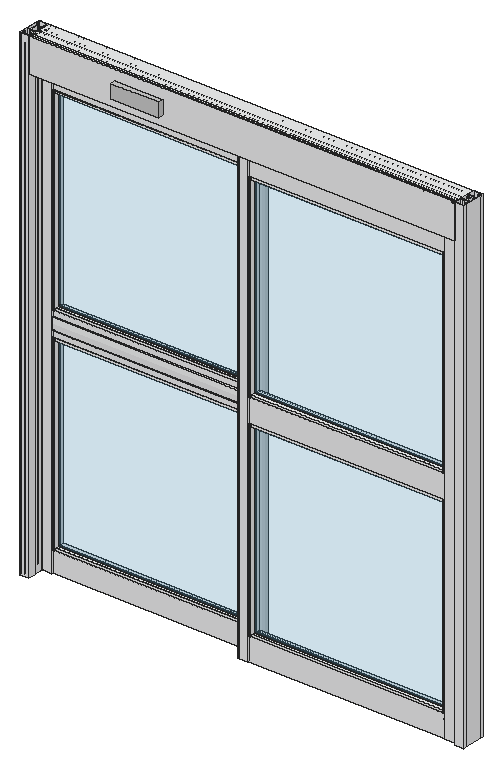
Revit family "2-5-4_Sliding-Door_TX9200SL_Single-LH-Outside-Slide-O-SX-Electric-Lock-Exit-Panic-Hardware_Tormax", category Doors, host Wall, Revit 2026 (continued)
Definition of nested family "Door-Sliding-Tormax-Panel-Exit_Panic-SX"
  Forms (in)
    Sweep 7, solid, material <- "Frame Material"
      profile origin (0, 0, 63.70312) x (-1, 0, 0) y (0, -1, 0)
        loop
          line (18.65625, -0.87481) -> (18.65625, -0.70698) -> (18.72056, -0.70698) -> (18.72056, -0.65698) -> (18.60608, -0.65698) -> (18.60608, -0.8251) -> (18.20611, -0.8251) -> (18.20611, -0.4032) -> (18.46359, -0.4032) -> (18.46359, -0.25955) -> (18.68146, -0.25955) -> (18.68146, -0.1901) -> (18.81225, -0.1901) -> (18.81225, -0.13997) -> (18.66845, -0.13997) -> (18.66845, 0.13997) -> (18.81225, 0.13997) -> (18.81225, 0.1901) -> (18.66845, 0.1901) -> (18.66845, 0.23732)
          arc (18.66845, 0.23732) -> (18.64136, 0.30274) -> (18.57594, 0.32983) r 0.09251
          line (18.57594, 0.32983) -> (18.57594, 0.49166) -> (18.69998, 0.6157) -> (18.80597, 0.6157) -> (18.80597, 0.76483) -> (18.75597, 0.76483) -> (18.75597, 0.66561) -> (18.65625, 0.66561) -> (18.65625, 0.87481) -> (18.15645, 0.87481) -> (18.15645, 0.20955) -> (18.12159, 0.20955) -> (18.06046, 0.09459) -> (18.08245, 0.07259) -> (18.15436, 0.12483) -> (18.36418, 0.12483) -> (18.36418, 0.20955) -> (18.5318, 0.20955) -> (18.5318, 0.13997) -> (18.61845, 0.13997) -> (18.61845, -0.13997) -> (18.5318, -0.13997) -> (18.5318, -0.20955) -> (18.36418, -0.20955) -> (18.36418, -0.12483) -> (18.15436, -0.12483) -> (18.08245, -0.07259) -> (18.06046, -0.09459) -> (18.12159, -0.20955) -> (18.15645, -0.20955) -> (18.15645, -0.87481) -> (18.65625, -0.87481)
        loop
          line (18.55619, 0.8251) -> (18.20611, 0.8251) -> (18.20611, 0.4032) -> (18.46359, 0.4032) -> (18.46359, 0.25099) -> (18.52594, 0.25099) -> (18.52594, 0.58206) -> (18.62235, 0.67847) -> (18.62235, 0.74143) -> (18.55619, 0.74143) -> (18.55619, 0.8251)
    Extrusion 8, solid, material <- "Glass"
      sketch origin (0, 0, 0) x (1, 0, 0) y (0, 1, 0)
        loop
          line (-18.36418, 0.12483) -> (-18.36418, -0.12517) -> (18.36418, -0.12517) -> (18.36418, 0.12483) -> (-18.36418, 0.12483)
      from 45.29207 to 82.11418
    Sweep 9, solid, material <- "Frame Material"
      path origin (0, 0, 0) x (1, 0, 0) y (0, 0, 1)
        loop
          line (-20.78125, 85.5) -> (20.78125, 85.5)
      profile origin (0, 0, 85.5) x (0, 0, 1) y (0, -1, 0)
        loop
          line (-1.05567, 0.9185) -> (-1.34375, 0.9185) -> (-1.34375, -0.7995) -> (-0.71867, -0.7995) -> (-0.71867, 0.14602)
          arc (-0.71867, 0.14602) -> (-0.73017, 0.19158) -> (-0.7459, 0.23586) r 0.5
          arc (-0.7459, 0.23586) -> (-0.77367, 0.2545) -> (-0.80143, 0.23586) r 0.03
          arc (-0.80143, 0.23586) -> (-0.82927, 0.143) -> (-0.83867, 0.04652) r 0.5
          line (-0.83867, 0.04652) -> (-0.83867, -0.19357)
          arc (-0.83867, -0.19357) -> (-0.9137, -0.2685) -> (-0.98867, -0.1935) r 0.075
          line (-0.98867, -0.1935) -> (-0.98867, 0.34217)
          arc (-0.98867, 0.34217) -> (-1.0072, 0.47704) -> (-1.06143, 0.60192) r 0.5
          line (-1.06143, 0.60192) -> (-1.18067, 0.55479) -> (-1.18067, 0.7442) -> (-1.05567, 0.69479) -> (-1.05567, 0.9185)
  Lines and regions (in)
    symbolic lines
      curve 1: line (-20.78125, 0.91, 0) -> (-20.78125, 42.4725, 0)
      curve 2: arc (-20.78125, 42.4725, 0) -> (8.60788, 30.29913, 0) -> (20.78125, 0.91, 0) r 41.5625
      curve 3: line (-20.78125, 0, 42.75) -> (20.78125, 0, 84.15625)
      curve 4: line (-20.78125, 0, 42.75) -> (20.78125, 0, 0)
  Dimensions and locks (in)
    "Height": plane 4 to level
    equal spacing: plane 10, plane 3 "Center (Left/Right)", plane 11
    "Width": plane 10 to plane 11
    "Thickness": plane 9 to plane 8
    equal spacing: plane 9, plane 1 "Center (Front/Back)", plane 8
    locked: plane 10 to plane 12 at 2.125
    locked: plane 13 to plane 11 at 2.125
    locked: plane 5 to level at 42.75
    plane 10 to Sweep 1 sketch curve to Sweep 1 sketch curve = 2 1/8" locked, 0" locked
    locked: plane 17 to plane 2 at 4.3125
    locked: Sweep 4 sketch curve to plane 13 at 0.4998  (x2)
    plane 12 to Sweep 4 sketch curve to Sweep 4 sketch curve = 0.4998" locked, 0" locked
    plane 7 to plane 1 "Center (Front/Back)" to plane 6 = 0.12517" locked, 0.12483" locked
    locked: Extrusion 5 sketch curve to plane 13 at 0.29207
    locked: plane 12 to Extrusion 5 sketch curve at 0.29207
    locked: Sweep 6 sketch curve to plane 13 at 0.4998
    locked: Sweep 6 sketch curve to plane 12 at 0.4998
    locked: Sweep 6 sketch curve to plane 2 at 4.8123  (x2)
    Sweep 6 sketch curve to Sweep 6 sketch curve to plane 15 = 0" locked, 0.4998" locked
    Sweep 6 sketch curve to Sweep 6 sketch curve to plane 14 = 0" locked, 0.4998" locked
    Sweep 6 sketch curve to Sweep 6 sketch curve to plane 16 = 0" locked, 0.4998" locked
    locked: plane 2 to Extrusion 5 at 4.60457
    locked: Extrusion 5 to plane 15 at 0.29207
    locked: Extrusion 8 to plane 14 at 0.29207
    locked: Extrusion 8 to plane 16 at 0.29207
    locked: plane 12 to Sweep 7 sketch curve at 0.4998  (x2)
    Sweep 7 sketch curve to Sweep 7 sketch curve to plane 13 = 0" locked, 0.4998" locked
    locked: plane 4 to Sweep 1 sketch curve at 1.34375
    locked: plane 4 to Sweep 3 sketch curve at 1.34375
    locked: plane 16 to plane 4 at 3.09375
    plane 4 to Sweep 9 sketch curve to Sweep 9 sketch curve = 0.71867" locked, 0.62508" locked
    plane 16 to Sweep 2 sketch curve to Sweep 2 sketch curve = 1.444" locked, 0.15" locked
    locked: plane 4 to curve 3 at 1.34375
    plane 13 to plane 11 = 2 1/8"
    locked: Sweep 1 sketch curve to plane 2 at 0.3125
    locked: Sweep 3 sketch curve to plane 2 at 0.3125
    locked: plane 14 to plane 5 at 2.25
    locked: plane 5 to plane 15 at 2.25
    "Width": radius of curve 2
    aligned and locked: plane 2 to level
    aligned and locked: Sweep 1 sketch curve to plane 10
    aligned and locked: Sweep 1 sketch curve to plane 9
    aligned and locked: Sweep 1 sketch curve to plane 8
    aligned and locked: plane 12 to Sweep 2 sketch curve
    aligned and locked: plane 13 to Sweep 2 sketch curve
    aligned and locked: Sweep 2 sketch curve to plane 2
    aligned and locked: plane 14 to Sweep 2 sketch curve
    aligned and locked: Sweep 2 sketch curve to plane 14
    aligned and locked: plane 11 to Sweep 3 sketch curve
    aligned and locked: plane 13 to Sweep 3 sketch curve
    aligned and locked: plane 3 "Center (Left/Right)" to Sweep 4 sketch curve
    aligned and locked: plane 15 to Sweep 4 sketch curve
    aligned and locked: plane 17 to Sweep 4 sketch curve
    aligned and locked: Sweep 4 sketch curve to plane 13
    aligned and locked: plane 13 to Sweep 4 sketch curve
    aligned and locked: plane 12 to Sweep 4 sketch curve
    aligned and locked: Sweep 4 sketch curve to plane 12
    aligned and locked: plane 6 to Extrusion 5 sketch curve
    aligned and locked: plane 7 to Extrusion 5 sketch curve
    aligned and locked: Sweep 6 sketch curve to plane 5
    aligned and locked: plane 17 to Sweep 6 sketch curve
    aligned and locked: Sweep 6 sketch curve to plane 17
    aligned and locked: plane 15 to Sweep 6 sketch curve
    aligned and locked: Sweep 6 sketch curve to plane 15
    aligned and locked: Sweep 6 sketch curve to plane 14
    aligned and locked: plane 14 to Sweep 6 sketch curve
    aligned and locked: Sweep 6 sketch curve to plane 16
    aligned and locked: plane 16 to Sweep 6 sketch curve
    aligned and locked: plane 16 to Sweep 7 sketch curve
    aligned and locked: plane 14 to Sweep 7 sketch curve
    aligned and locked: plane 12 to Sweep 7 sketch curve
    aligned and locked: Sweep 7 sketch curve to plane 12
    aligned and locked: Sweep 7 sketch curve to plane 13
    aligned and locked: plane 13 to Sweep 7 sketch curve
    aligned and locked: plane 10 to Sweep 9 sketch curve
    aligned and locked: plane 11 to Sweep 9 sketch curve
    aligned and locked: Sweep 9 sketch curve to plane 4
    aligned and locked: Sweep 2 sketch curve to plane 16  (x2)
    aligned and locked: plane 9 to curve 2  (x2)
    aligned and locked: plane 10 to curve 2
    aligned and locked: plane 5 to curve 4
    aligned and locked: plane 10 to curve 3
    aligned and locked: curve 4 to plane 11
    aligned and locked: plane 2 to curve 4
    aligned and locked: plane 11 to curve 3
    aligned and locked: plane 15 to Sweep 2 sketch curve  (x2)
  Automatic sketch dimensions
    Sweep 4 sketch curve to Sweep 4 sketch curve = 0.0122"
    Sweep 4 sketch curve to plane 1 "Center (Front/Back)" = 0.13997"
    Sweep 4 sketch curve to Sweep 4 sketch curve = 0"  (x5)
    Sweep 4 sketch curve to Sweep 4 sketch curve = 0.01301"  (x2)
    plane 1 "Center (Front/Back)" to Sweep 4 sketch curve = 0.6157"
    Sweep 4 sketch curve to Sweep 4 sketch curve = 0.04373"  (x2)
    Sweep 4 sketch curve to Sweep 4 sketch curve = 0.06431"  (x2)
    Sweep 4 sketch curve to Sweep 4 sketch curve = 0.05599"
    Sweep 4 sketch curve to Sweep 4 sketch curve = 0.05"  (x8)
    Sweep 4 sketch curve to Sweep 4 sketch curve = 0.13079"  (x2)
    Sweep 4 sketch curve to Sweep 4 sketch curve = 0.1438"  (x2)
    Sweep 4 sketch curve to Sweep 4 sketch curve = 0.0339"  (x2)
    Sweep 4 sketch curve to Sweep 4 sketch curve = 0.05017"  (x2)
    plane 1 "Center (Front/Back)" to Sweep 4 sketch curve = 0.49166"
    Sweep 4 sketch curve to Sweep 4 sketch curve = 0.12404"  (x2)
    Sweep 4 sketch curve to Sweep 4 sketch curve = 0.06616"  (x2)
    Sweep 4 sketch curve to Sweep 4 sketch curve = 0.08665"  (x3)
    Sweep 4 sketch curve to Sweep 4 sketch curve = 0.00586"  (x2)
    Sweep 4 sketch curve to Sweep 4 sketch curve = 0.0682"  (x2)
    Sweep 4 sketch curve to Sweep 4 sketch curve = 0.11234"
    Sweep 4 sketch curve to Sweep 4 sketch curve = 0.09942"  (x4)
    Sweep 4 sketch curve to Sweep 4 sketch curve = 0.04966"  (x4)
    Sweep 4 sketch curve to plane 1 "Center (Front/Back)" = 0.12483"
    Sweep 4 sketch curve to Sweep 4 sketch curve = 0.00209"  (x2)
    Sweep 4 sketch curve to Sweep 4 sketch curve = 0.03487"  (x4)
    plane 1 "Center (Front/Back)" to Sweep 4 sketch curve = 0.20955"  (x2)
    plane 1 "Center (Front/Back)" to Sweep 4 sketch curve = 0.07259"  (x2)
    Sweep 4 sketch curve to Sweep 4 sketch curve = 0.0719"  (x4)
    Sweep 4 sketch curve to plane 1 "Center (Front/Back)" = 0.07259"  (x2)
    Sweep 4 sketch curve to plane 1 "Center (Front/Back)" = 0.09459"  (x2)
    Sweep 4 sketch curve to Sweep 4 sketch curve = 0.02199"  (x4)
    plane 1 "Center (Front/Back)" to Sweep 4 sketch curve = 0.09459"  (x2)
    Sweep 4 sketch curve to Sweep 4 sketch curve = 0.06113"
    Sweep 4 sketch curve to plane 1 "Center (Front/Back)" = 0.20955"
    plane 1 "Center (Front/Back)" to Sweep 4 sketch curve = 0.12483"
    Sweep 4 sketch curve to Sweep 4 sketch curve = 0.06234"
    Sweep 4 sketch curve to Sweep 4 sketch curve = 0.03026"
    Sweep 4 sketch curve to Sweep 4 sketch curve = 0.14248"
    Sweep 4 sketch curve to Sweep 4 sketch curve = 0.09251"
    Sweep 4 sketch curve to Sweep 4 sketch curve = 0.13361"
    Sweep 4 sketch curve to plane 1 "Center (Front/Back)" = 0.25955"
    Sweep 4 sketch curve to Sweep 4 sketch curve = 0.11958"
    Sweep 4 sketch curve to Sweep 4 sketch curve = 0.14365"
    Sweep 4 sketch curve to Sweep 4 sketch curve = 0.19365"  (x3)
    Sweep 4 sketch curve to Sweep 4 sketch curve = 0.25378"  (x2)
    Sweep 4 sketch curve to Sweep 4 sketch curve = 0.4219"  (x2)
    Sweep 4 sketch curve to Sweep 4 sketch curve = 0.04971"  (x4)
    Sweep 4 sketch curve to Sweep 4 sketch curve = 0.08472"  (x5)
    Sweep 4 sketch curve to Sweep 4 sketch curve = 0.05012"  (x4)
    Sweep 4 sketch curve to Sweep 4 sketch curve = 0.06945"
    Sweep 4 sketch curve to Sweep 4 sketch curve = 0.06958"  (x2)
    plane 1 "Center (Front/Back)" to Sweep 4 sketch curve = 0.13997"  (x2)
    Sweep 4 sketch curve to Sweep 4 sketch curve = 0.04722"
    Sweep 4 sketch curve to Sweep 4 sketch curve = 0.02777"
    Sweep 4 sketch curve to Sweep 4 sketch curve = 0.04144"  (x2)
    Sweep 4 sketch curve to Sweep 4 sketch curve = 0.08847"
    Sweep 4 sketch curve to Sweep 4 sketch curve = 0.0904"  (x2)
    Sweep 4 sketch curve to Sweep 4 sketch curve = 0.04991"  (x2)
    Sweep 4 sketch curve to Sweep 4 sketch curve = 0.01286"  (x2)
    Sweep 4 sketch curve to Sweep 4 sketch curve = 0.06296"  (x2)
    Sweep 4 sketch curve to Sweep 4 sketch curve = 0.09922"  (x2)
    Sweep 4 sketch curve to Sweep 4 sketch curve = 0.08367"  (x2)
    plane 1 "Center (Front/Back)" to Sweep 6 sketch curve = 0.13997"  (x4)
    Sweep 6 sketch curve to Sweep 6 sketch curve = 0.512"
    Sweep 6 sketch curve to Sweep 6 sketch curve = 0"  (x10)
    Sweep 6 sketch curve to Sweep 6 sketch curve = 0.01301"  (x4)
    Sweep 6 sketch curve to plane 1 "Center (Front/Back)" = 0.6157"  (x2)
    Sweep 6 sketch curve to Sweep 6 sketch curve = 0.04373"  (x4)
    Sweep 6 sketch curve to Sweep 6 sketch curve = 0.06431"  (x4)
    Sweep 6 sketch curve to Sweep 6 sketch curve = 0.09972"
    Sweep 6 sketch curve to Sweep 6 sketch curve = 0.05"  (x19)
    Sweep 6 sketch curve to Sweep 6 sketch curve = 0.13079"  (x4)
    Sweep 6 sketch curve to Sweep 6 sketch curve = 0.1438"  (x4)
    Sweep 6 sketch curve to Sweep 6 sketch curve = 0.0339"  (x3)
    Sweep 6 sketch curve to Sweep 6 sketch curve = 0.05017"  (x4)
    Sweep 6 sketch curve to Sweep 6 sketch curve = 0.09251"
    Sweep 6 sketch curve to Sweep 6 sketch curve = 0.06616"  (x3)
    Sweep 6 sketch curve to Sweep 6 sketch curve = 0.08665"  (x4)
    Sweep 6 sketch curve to Sweep 6 sketch curve = 0.04414"  (x2)
    Sweep 6 sketch curve to plane 1 "Center (Front/Back)" = 0.58206"  (x2)
    Sweep 6 sketch curve to Sweep 6 sketch curve = 0.11234"  (x2)
    Sweep 6 sketch curve to Sweep 6 sketch curve = 0.0682"  (x4)
    Sweep 6 sketch curve to Sweep 6 sketch curve = 0.09942"  (x8)
    Sweep 6 sketch curve to Sweep 6 sketch curve = 0.04966"  (x8)
    plane 1 "Center (Front/Back)" to Sweep 6 sketch curve = 0.12483"  (x3)
    Sweep 6 sketch curve to Sweep 6 sketch curve = 0.00209"  (x6)
    Sweep 6 sketch curve to Sweep 6 sketch curve = 0.03487"  (x8)
    Sweep 6 sketch curve to plane 1 "Center (Front/Back)" = 0.20955"
    Sweep 6 sketch curve to plane 1 "Center (Front/Back)" = 0.07259"  (x4)
    Sweep 6 sketch curve to Sweep 6 sketch curve = 0.0719"  (x6)
    plane 1 "Center (Front/Back)" to Sweep 6 sketch curve = 0.07259"  (x4)
    Sweep 6 sketch curve to plane 1 "Center (Front/Back)" = 0.09459"  (x4)
    Sweep 6 sketch curve to Sweep 6 sketch curve = 0.02199"  (x8)
    plane 1 "Center (Front/Back)" to Sweep 6 sketch curve = 0.09459"  (x4)
    Sweep 6 sketch curve to Sweep 6 sketch curve = 0.09599"  (x2)
    Sweep 6 sketch curve to Sweep 6 sketch curve = 0.20772"  (x2)
    Sweep 6 sketch curve to Sweep 6 sketch curve = 0.13031"
    Sweep 6 sketch curve to Sweep 6 sketch curve = 0.00586"  (x3)
    Sweep 6 sketch curve to Sweep 6 sketch curve = 0.10006"  (x2)
    Sweep 6 sketch curve to Sweep 6 sketch curve = 0.05599"
    Sweep 6 sketch curve to Sweep 6 sketch curve = 0.156"
    Sweep 6 sketch curve to Sweep 6 sketch curve = 0.14972"
    Sweep 6 sketch curve to Sweep 6 sketch curve = 0.12404"
    plane 1 "Center (Front/Back)" to Sweep 6 sketch curve = 0.20955"  (x2)
    Sweep 6 sketch curve to Sweep 6 sketch curve = 0.06113"
    Sweep 6 sketch curve to Sweep 6 sketch curve = 0.06234"
    Sweep 6 sketch curve to Sweep 6 sketch curve = 0.03026"
    Sweep 6 sketch curve to plane 1 "Center (Front/Back)" = 0.49166"
    Sweep 6 sketch curve to Sweep 6 sketch curve = 0.14248"
    Sweep 6 sketch curve to Sweep 6 sketch curve = 0.13361"
    Sweep 6 sketch curve to Sweep 6 sketch curve = 0.04991"  (x4)
    Sweep 6 sketch curve to Sweep 6 sketch curve = 0.08355"
    Sweep 6 sketch curve to plane 1 "Center (Front/Back)" = 0.66561"
    Sweep 6 sketch curve to Sweep 6 sketch curve = 0.01286"  (x4)
    Sweep 6 sketch curve to Sweep 6 sketch curve = 0.06296"  (x4)
    Sweep 6 sketch curve to Sweep 6 sketch curve = 0.09922"  (x4)
    Sweep 6 sketch curve to Sweep 6 sketch curve = 0.08367"  (x4)
    Sweep 6 sketch curve to Sweep 6 sketch curve = 0.04971"  (x8)
    Sweep 6 sketch curve to Sweep 6 sketch curve = 0.09641"  (x2)
    Sweep 6 sketch curve to Sweep 6 sketch curve = 0.0904"  (x3)
    Sweep 6 sketch curve to Sweep 6 sketch curve = 79/256"  (x2)
    Sweep 6 sketch curve to Sweep 6 sketch curve = 0.19365"  (x3)
    Sweep 6 sketch curve to Sweep 6 sketch curve = 0.08847"
    Sweep 6 sketch curve to Sweep 6 sketch curve = 0.07336"  (x4)
    Sweep 6 sketch curve to Sweep 6 sketch curve = 0.01367"  (x4)
    Sweep 6 sketch curve to Sweep 6 sketch curve = 0.11496"  (x3)
    Sweep 6 sketch curve to Sweep 6 sketch curve = 0.04144"  (x4)
    Sweep 6 sketch curve to Sweep 6 sketch curve = 0.04722"  (x4)
    Sweep 6 sketch curve to Sweep 6 sketch curve = 0.05012"  (x8)
    Sweep 6 sketch curve to Sweep 6 sketch curve = 0.06958"  (x4)
    Sweep 6 sketch curve to Sweep 6 sketch curve = 0.08472"  (x9)
    Sweep 6 sketch curve to Sweep 6 sketch curve = 0.06945"
    Sweep 6 sketch curve to Sweep 6 sketch curve = 0.14365"  (x2)
    Sweep 6 sketch curve to Sweep 6 sketch curve = 0.25378"  (x4)
    Sweep 6 sketch curve to Sweep 6 sketch curve = 0.11812"  (x3)
    Sweep 6 sketch curve to Sweep 6 sketch curve = 0.4219"
    Sweep 7 sketch curve to plane 3 "Center (Left/Right)" = 0"
    plane 1 "Center (Front/Back)" to Sweep 7 sketch curve = 0.1901"
    Sweep 7 sketch curve to Sweep 7 sketch curve = 0"  (x6)
    Sweep 7 sketch curve to Sweep 7 sketch curve = 0.00628"
    Sweep 7 sketch curve to Sweep 7 sketch curve = 0.05"  (x8)
    Sweep 7 sketch curve to Sweep 7 sketch curve = 0.05599"
    Sweep 7 sketch curve to Sweep 7 sketch curve = 0.13079"  (x2)
    Sweep 7 sketch curve to Sweep 7 sketch curve = 0.1438"  (x2)
    Sweep 7 sketch curve to Sweep 7 sketch curve = 0.06431"  (x2)
    Sweep 7 sketch curve to Sweep 7 sketch curve = 0.04373"  (x2)
    Sweep 7 sketch curve to Sweep 7 sketch curve = 0.0339"  (x2)
    Sweep 7 sketch curve to Sweep 7 sketch curve = 0.05017"  (x2)
    plane 1 "Center (Front/Back)" to Sweep 7 sketch curve = 0.49166"
    Sweep 7 sketch curve to Sweep 7 sketch curve = 0.12404"  (x3)
    Sweep 7 sketch curve to Sweep 7 sketch curve = 0.06616"  (x2)
    Sweep 7 sketch curve to Sweep 7 sketch curve = 0.08665"  (x3)
    Sweep 7 sketch curve to Sweep 7 sketch curve = 0.00586"  (x2)
    Sweep 7 sketch curve to Sweep 7 sketch curve = 0.0682"  (x2)
    Sweep 7 sketch curve to Sweep 7 sketch curve = 0.11234"
    Sweep 7 sketch curve to Sweep 7 sketch curve = 0.09942"  (x4)
    Sweep 7 sketch curve to Sweep 7 sketch curve = 0.04966"  (x4)
    Sweep 7 sketch curve to plane 1 "Center (Front/Back)" = 0.12483"
    Sweep 7 sketch curve to Sweep 7 sketch curve = 0.00209"  (x2)
    Sweep 7 sketch curve to Sweep 7 sketch curve = 0.03487"  (x4)
    plane 1 "Center (Front/Back)" to Sweep 7 sketch curve = 0.20955"  (x2)
    plane 1 "Center (Front/Back)" to Sweep 7 sketch curve = 0.07259"  (x2)
    Sweep 7 sketch curve to Sweep 7 sketch curve = 0.0719"  (x4)
    Sweep 7 sketch curve to plane 1 "Center (Front/Back)" = 0.07259"  (x2)
    Sweep 7 sketch curve to plane 1 "Center (Front/Back)" = 0.09459"  (x2)
    Sweep 7 sketch curve to Sweep 7 sketch curve = 0.02199"  (x4)
    plane 1 "Center (Front/Back)" to Sweep 7 sketch curve = 0.09459"  (x2)
    Sweep 7 sketch curve to plane 1 "Center (Front/Back)" = 0.20955"
    Sweep 7 sketch curve to Sweep 7 sketch curve = 0.06113"
    plane 1 "Center (Front/Back)" to Sweep 7 sketch curve = 0.12483"
    Sweep 7 sketch curve to Sweep 7 sketch curve = 0.06234"
    Sweep 7 sketch curve to Sweep 7 sketch curve = 0.03026"
    Sweep 7 sketch curve to Sweep 7 sketch curve = 0.14248"
    Sweep 7 sketch curve to Sweep 7 sketch curve = 0.09251"
    Sweep 7 sketch curve to Sweep 7 sketch curve = 0.01301"
    Sweep 7 sketch curve to Sweep 7 sketch curve = 0.13361"
    Sweep 7 sketch curve to plane 1 "Center (Front/Back)" = 0.25955"  (x2)
    Sweep 7 sketch curve to Sweep 7 sketch curve = 0.14365"
    Sweep 7 sketch curve to Sweep 7 sketch curve = 0.19365"  (x3)
    Sweep 7 sketch curve to Sweep 7 sketch curve = 0.25378"  (x2)
    Sweep 7 sketch curve to Sweep 7 sketch curve = 0.4219"  (x2)
    Sweep 7 sketch curve to Sweep 7 sketch curve = 0.04971"  (x4)
    Sweep 7 sketch curve to Sweep 7 sketch curve = 0.08472"  (x5)
    Sweep 7 sketch curve to Sweep 7 sketch curve = 0.06945"  (x2)
    Sweep 7 sketch curve to Sweep 7 sketch curve = 0.05012"  (x4)
    Sweep 7 sketch curve to Sweep 7 sketch curve = 0.06958"  (x2)
    plane 1 "Center (Front/Back)" to Sweep 7 sketch curve = 0.13997"
    Sweep 7 sketch curve to Sweep 7 sketch curve = 0.04722"
    Sweep 7 sketch curve to Sweep 7 sketch curve = 0.02777"
    Sweep 7 sketch curve to Sweep 7 sketch curve = 0.04144"  (x2)
    Sweep 7 sketch curve to Sweep 7 sketch curve = 0.08847"
    Sweep 7 sketch curve to Sweep 7 sketch curve = 0.0904"  (x2)
    Sweep 7 sketch curve to Sweep 7 sketch curve = 0.04991"  (x2)
    Sweep 7 sketch curve to Sweep 7 sketch curve = 0.01286"  (x2)
    Sweep 7 sketch curve to Sweep 7 sketch curve = 0.06296"  (x2)
    Sweep 7 sketch curve to Sweep 7 sketch curve = 0.09922"  (x2)
    Sweep 7 sketch curve to Sweep 7 sketch curve = 0.08367"  (x2)
    Extrusion 8 sketch curve to plane 7 = 0"
    plane 6 to Extrusion 8 sketch curve = 0"
    plane 12 to Extrusion 8 sketch curve = 0.29207"
    plane 13 to Extrusion 8 sketch curve = 0.29207"
    plane 1 "Center (Front/Back)" to Sweep 9 sketch curve = 0.34217"
    Sweep 9 sketch curve to Sweep 9 sketch curve = 0.28232"
    Sweep 9 sketch curve to Sweep 9 sketch curve = 0.11923"
    plane 1 "Center (Front/Back)" to Sweep 9 sketch curve = 0.55479"
    Sweep 9 sketch curve to Sweep 9 sketch curve = 1/8"
    Sweep 9 sketch curve to Sweep 9 sketch curve = 0.00577"
    Sweep 9 sketch curve to Sweep 9 sketch curve = 0.25975"
    Sweep 9 sketch curve to Sweep 9 sketch curve = 0.09287"
    Sweep 9 sketch curve to Sweep 9 sketch curve = 0.04941"
    Sweep 9 sketch curve to Sweep 9 sketch curve = 0.22371"
    Sweep 9 sketch curve to plane 1 "Center (Front/Back)" = 0.1935"
    Sweep 9 sketch curve to Sweep 9 sketch curve = 0.075"
    Sweep 9 sketch curve to Sweep 9 sketch curve = 0.00006"
    plane 1 "Center (Front/Back)" to Sweep 9 sketch curve = 0.04652"  (x2)
    Sweep 9 sketch curve to Sweep 9 sketch curve = 0"  (x2)
    Sweep 9 sketch curve to Sweep 9 sketch curve = 0.065"
    Sweep 9 sketch curve to Sweep 9 sketch curve = 0.17797"
    Sweep 9 sketch curve to Sweep 9 sketch curve = 0.02777"
    Sweep 9 sketch curve to Sweep 9 sketch curve = 0.12"
    Sweep 9 sketch curve to Sweep 9 sketch curve = 0.60594"
    plane 1 "Center (Front/Back)" to Sweep 9 sketch curve = 0.14602"
    Sweep 9 sketch curve to Sweep 9 sketch curve = 0.22"
    Sweep 3 sketch curve to Sweep 3 sketch curve = 0"  (x9)
    plane 1 "Center (Front/Back)" to Sweep 3 sketch curve = 0"
    Sweep 3 sketch curve to Sweep 3 sketch curve = 0.09725"
    Sweep 3 sketch curve to Sweep 3 sketch curve = 0.09783"  (x2)
    Sweep 3 sketch curve to Sweep 3 sketch curve = 0.05875"
    Sweep 3 sketch curve to Sweep 3 sketch curve = 1/8"
    Sweep 3 sketch curve to profile plane = 0.33606"
    Sweep 3 sketch curve to Sweep 3 sketch curve = 0.05805"
    Sweep 3 sketch curve to profile plane = 0.25342"
    Sweep 3 sketch curve to Sweep 3 sketch curve = 0.00312"
    Sweep 3 sketch curve to Sweep 3 sketch curve = 0.07719"  (x2)
    Sweep 3 sketch curve to Sweep 3 sketch curve = 0.06839"
    Sweep 3 sketch curve to Sweep 3 sketch curve = 0.01995"  (x2)
    Sweep 3 sketch curve to Sweep 3 sketch curve = 0.03503"  (x2)
    Sweep 3 sketch curve to Sweep 3 sketch curve = 0.05764"  (x2)
    Sweep 3 sketch curve to Sweep 3 sketch curve = 0.05533"
    Sweep 3 sketch curve to Sweep 3 sketch curve = 0.07528"  (x2)
    Sweep 3 sketch curve to Sweep 3 sketch curve = 0.07175"  (x2)
    Sweep 3 sketch curve to profile plane = 0.05562"  (x2)
    Sweep 3 sketch curve to plane 1 "Center (Front/Back)" = 0.18239"
    Sweep 3 sketch curve to Sweep 3 sketch curve = 0.19693"  (x2)
    Sweep 3 sketch curve to Sweep 3 sketch curve = 0.07617"  (x2)
    Sweep 3 sketch curve to Sweep 3 sketch curve = 0.01817"  (x2)
    Sweep 3 sketch curve to Sweep 3 sketch curve = 0.01512"
    Sweep 3 sketch curve to Sweep 3 sketch curve = 0.05648"
    Sweep 3 sketch curve to Sweep 3 sketch curve = 0.02003"  (x2)
    plane 1 "Center (Front/Back)" to Sweep 3 sketch curve = 0.18239"
    Sweep 3 sketch curve to Sweep 3 sketch curve = 0.05615"
    Sweep 3 sketch curve to Sweep 3 sketch curve = 0.07564"
    Sweep 3 sketch curve to Sweep 3 sketch curve = 0.14517"
    Sweep 3 sketch curve to Sweep 3 sketch curve = 0.05815"
    Sweep 3 sketch curve to Sweep 3 sketch curve = 0.10029"
    Sweep 3 sketch curve to profile plane = 0.10913"
    Sweep 3 sketch curve to profile plane = 0.10975"
    Sweep 3 sketch curve to Sweep 3 sketch curve = 0.07408"
    Sweep 1 sketch curve to Sweep 1 sketch curve = 0"  (x4)
    plane 1 "Center (Front/Back)" to Sweep 1 sketch curve = 0"
    Sweep 1 sketch curve to plane 1 "Center (Front/Back)" = 0.77559"
    Sweep 1 sketch curve to Sweep 1 sketch curve = 0.11639"  (x2)
    Sweep 1 sketch curve to Sweep 1 sketch curve = 0.03961"
    Sweep 1 sketch curve to Sweep 1 sketch curve = 1/8"
    profile plane to Sweep 1 sketch curve = 1/4"
    profile plane to Sweep 1 sketch curve = 0.22824"
    profile plane to Sweep 1 sketch curve = 0.14081"
    Sweep 1 sketch curve to Sweep 1 sketch curve = 0.11893"  (x2)
    Sweep 1 sketch curve to Sweep 1 sketch curve = 0.01059"
    Sweep 1 sketch curve to Sweep 1 sketch curve = 0.0672"  (x2)
    Sweep 1 sketch curve to Sweep 1 sketch curve = 0.20161"
    Sweep 1 sketch curve to Sweep 1 sketch curve = 0.05661"
    Sweep 1 sketch curve to Sweep 1 sketch curve = 0.02176"
    plane 1 "Center (Front/Back)" to Sweep 1 sketch curve = 0.18701"
    curve 1 to plane 9 = 0"
    plane 1 "Center (Front/Back)" to Sweep 2 sketch curve = 0.8749"
    Sweep 2 sketch curve to profile plane = 4 5/16"
    Sweep 2 sketch curve to plane 1 "Center (Front/Back)" = 0.70921"
    Sweep 2 sketch curve to Sweep 2 sketch curve = 0"  (x3)
    Sweep 2 sketch curve to Sweep 2 sketch curve = 0.10643"  (x4)
    plane 1 "Center (Front/Back)" to Sweep 2 sketch curve = 0.77066"
    Sweep 2 sketch curve to Sweep 2 sketch curve = 0.04797"  (x2)
    Sweep 2 sketch curve to Sweep 2 sketch curve = 0.12615"  (x2)
    Sweep 2 sketch curve to Sweep 2 sketch curve = 0.24666"  (x2)
    Sweep 2 sketch curve to Sweep 2 sketch curve = 0.45154"  (x2)
    Sweep 2 sketch curve to Sweep 2 sketch curve = 0.25159"  (x2)
    Sweep 2 sketch curve to Sweep 2 sketch curve = 0.13262"  (x2)
    Sweep 2 sketch curve to Sweep 2 sketch curve = 0.25063"  (x3)
    Sweep 2 sketch curve to Sweep 2 sketch curve = 0.44876"  (x2)
    Sweep 2 sketch curve to Sweep 2 sketch curve = 1/8"  (x3)
    Sweep 2 sketch curve to Sweep 2 sketch curve = 0.37452"
    Sweep 2 sketch curve to Sweep 2 sketch curve = 0.46746"
    Sweep 2 sketch curve to Sweep 2 sketch curve = 0.12888"
    Sweep 2 sketch curve to plane 1 "Center (Front/Back)" = 109/256"
    Sweep 2 sketch curve to Sweep 2 sketch curve = 0.28811"
    Sweep 2 sketch curve to Sweep 2 sketch curve = 0.03645"
    Sweep 2 sketch curve to Sweep 2 sketch curve = 0.4315"
    Sweep 2 sketch curve to Sweep 2 sketch curve = 0.18962"
    Sweep 2 sketch curve to Sweep 2 sketch curve = 0.12563"
    Sweep 2 sketch curve to Sweep 2 sketch curve = 0.11387"
    Sweep 2 sketch curve to profile plane = 5/16"
    Sweep 2 sketch curve to Sweep 2 sketch curve = 0.198"
    Sweep 2 sketch curve to Sweep 2 sketch curve = 0.1095"  (x2)
    plane 1 "Center (Front/Back)" to Sweep 2 sketch curve = 0.77099"
    Sweep 2 sketch curve to Sweep 2 sketch curve = 0.0465"  (x3)
    Sweep 2 sketch curve to Sweep 2 sketch curve = 0.10034"  (x2)
    Sweep 2 sketch curve to plane 1 "Center (Front/Back)" = 0.27511"
    Sweep 2 sketch curve to Sweep 2 sketch curve = 0.64383"
    Sweep 2 sketch curve to Sweep 2 sketch curve = 0.1"  (x8)
    Sweep 2 sketch curve to Sweep 2 sketch curve = 0.37023"
    Sweep 2 sketch curve to plane 1 "Center (Front/Back)" = 0.17511"
    Sweep 2 sketch curve to Sweep 2 sketch curve = 1.37039"
    Sweep 2 sketch curve to Sweep 2 sketch curve = 1.00016"
    Sweep 2 sketch curve to Sweep 2 sketch curve = 0.25634"
    Sweep 2 sketch curve to plane 1 "Center (Front/Back)" = 0.77066"
    Sweep 2 sketch curve to Sweep 2 sketch curve = 0.25057"  (x2)
    Sweep 2 sketch curve to Sweep 2 sketch curve = 0.44958"  (x2)
    Sweep 2 sketch curve to Sweep 2 sketch curve = 0.21366"
    Sweep 2 sketch curve to Sweep 2 sketch curve = 0.24964"
    Sweep 2 sketch curve to Sweep 2 sketch curve = 0.04531"
    plane 1 "Center (Front/Back)" to Sweep 2 sketch curve = 0.77147"
    Sweep 2 sketch curve to Sweep 2 sketch curve = 0.04603"
    plane 1 "Center (Front/Back)" to Sweep 2 sketch curve = 0.70798"
    Sweep 2 sketch curve to Sweep 2 sketch curve = 0.10997"
    Sweep 2 sketch curve to Sweep 2 sketch curve = 0.11069"
    Sweep 2 sketch curve to plane 1 "Center (Front/Back)" = 0.77099"  (x2)
    Sweep 2 sketch curve to plane 1 "Center (Front/Back)" = 0.77147"
    Sweep 2 sketch curve to Sweep 2 sketch curve = 0.00362"  (x2)
    Sweep 2 sketch curve to Sweep 2 sketch curve = 0.00039"
    Sweep 2 sketch curve to Sweep 2 sketch curve = 0.16569"
    Sweep 2 sketch curve to Sweep 2 sketch curve = 0.10425"
    Sweep 2 sketch curve to Sweep 2 sketch curve = 0.10401"  (x2)
    Sweep 2 sketch curve to Sweep 2 sketch curve = 0.06145"  (x4)
    Sweep 2 sketch curve to Sweep 2 sketch curve = 0.1101"
    Sweep 2 sketch curve to Sweep 2 sketch curve = 0.01168"
    Sweep 2 sketch curve to plane 1 "Center (Front/Back)" = 0.75305"
    Sweep 2 sketch curve to plane 1 "Center (Front/Back)" = 3/4"
    Sweep 2 sketch curve to Sweep 2 sketch curve = 0.015"
    Sweep 2 sketch curve to Sweep 2 sketch curve = 0.031"  (x3)
    Sweep 2 sketch curve to Sweep 2 sketch curve = 0.05146"  (x2)
    Sweep 2 sketch curve to Sweep 2 sketch curve = 0.03386"  (x2)
    Sweep 2 sketch curve to Sweep 2 sketch curve = 0.03119"  (x3)
    Sweep 2 sketch curve to Sweep 2 sketch curve = 0.06322"  (x4)
    Sweep 2 sketch curve to Sweep 2 sketch curve = 0.06391"
    Sweep 2 sketch curve to Sweep 2 sketch curve = 0.25268"  (x2)
    Sweep 2 sketch curve to plane 1 "Center (Front/Back)" = 0.23479"
    plane 1 "Center (Front/Back)" to Sweep 2 sketch curve = 0.32559"
    plane 1 "Center (Front/Back)" to Sweep 2 sketch curve = 0.5938"
    plane 1 "Center (Front/Back)" to Sweep 2 sketch curve = 0.70777"
    plane 1 "Center (Front/Back)" to Sweep 2 sketch curve = 0.70921"
    Sweep 2 sketch curve to Sweep 2 sketch curve = 0.07472"
    Sweep 2 sketch curve to Sweep 2 sketch curve = 0.12539"
    Sweep 2 sketch curve to Sweep 2 sketch curve = 0.01959"
    Sweep 2 sketch curve to Sweep 2 sketch curve = 0.21"
    Sweep 2 sketch curve to Sweep 2 sketch curve = 0.03141"
    Sweep 2 sketch curve to Sweep 2 sketch curve = 0.00401"  (x2)
    Sweep 2 sketch curve to Sweep 2 sketch curve = 0.10343"
    plane 1 "Center (Front/Back)" to Sweep 2 sketch curve = 0.16219"
    Sweep 2 sketch curve to Sweep 2 sketch curve = 0.03484"  (x2)
    Sweep 2 sketch curve to Sweep 2 sketch curve = 0.07413"  (x2)
    Sweep 2 sketch curve to Sweep 2 sketch curve = 0.2"
    Sweep 2 sketch curve to Sweep 2 sketch curve = 0.02603"  (x2)
    Sweep 2 sketch curve to Sweep 2 sketch curve = 0.87961"
    Sweep 2 sketch curve to Sweep 2 sketch curve = 0.20881"
Types (3): name | Width | Rough Width | Door Width | Description
  7'-0" Package Width | 84" | 84 1/2" | 41 9/16" | "Single LH Outside Slide Application (O-SX) w/ Electric Lock & Flush Mount Exit Panic HDW, 7'-0\" Package Width"
  8'-0" Package Width | 96" | 96 1/2" | 47 9/16" | "Single LH Outside Slide Application (O-SX) w/ Electric Lock & Flush Mount Exit Panic HDW, 8'-0\" Package Width"
  9'-0" Package Width | 108" | 108 1/2" | 53 9/16" | "Single LH Outside Slide Application (O-SX) w/ Electric Lock & Flush Mount Exit Panic HDW, 9'-0\" Package Width"
